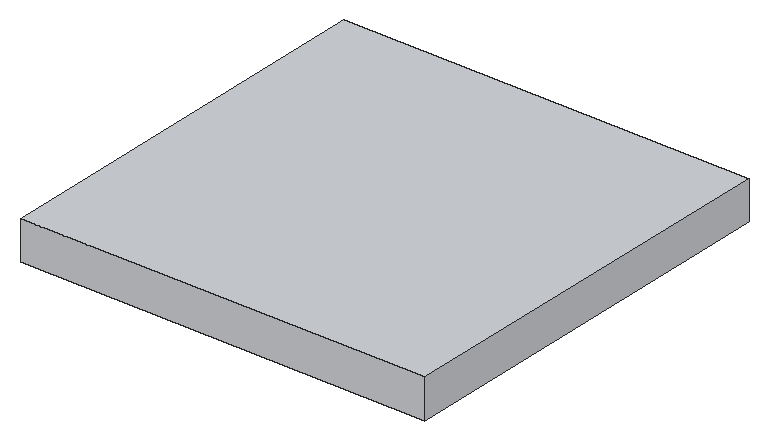
Revit family "ConcreteCap", category 常规模型, Revit 2018
Family settings
  可将钢筋附着到主体 = 否
  圆形连接件大小 = 使用直径
  零件类型 = 标准
  基于工作平面 = 否
  总是垂直 = 是
  加载时剪切的空心 = 否
  共享 = 否
  房间计算点 = 否
Parameters (values of type "ZM")
  结构材质 [instance] = none
  柱长 [instance] = 600 mm
  柱宽 [instance] = 600 mm
  宽度 = a1  # 2600 mm
  长度 = a1  # 2600 mm
  基础厚度 = h1 + h2  # 850 mm
  Assembly Code = ""
  h1 = 600 mm
  h2 = 250 mm
  a1 = 2600 mm
Types (8, lengths in mm): name | 宽度 | 长度 | 基础厚度 | h1 | h2 | a1
  ZM | 2600 | 2600 | 850 | 600 | 250 | 2600
  ZM1 | 3600 | 3600 | 1400 | 1000 | 400 | 3600
  ZM11K | 3000 | 3000 | 850 | 600 | 250 | 3000
  ZM1D | 2600 | 2600 | 850 | 600 | 250 | 2600
  ZM1A | 2600 | 2600 | 850 | 600 | 250 | 2600
  ZM1B | 2600 | 2600 | 850 | 600 | 250 | 2600
  ZM1C | 2600 | 2600 | 850 | 600 | 250 | 2600
  ZM11 | 2600 | 2600 | 850 | 600 | 250 | 2600
Reference planes
  plane 1 "中心(前/后)": y = 0
  plane 2: z = 0
  plane 3 "中心(左/右)": x = 0
  plane 4: x = -1300
  plane 5: x = 1300
  plane 6: y = 1300
  plane 7: y = -1300
  plane 8: x = -300
  plane 9: y = -300
  plane 10: y = 300
  plane 11: x = 300
  plane 12: z = -250
  plane 13: z = -600
Forms (mm)
  Extrusion 1, solid, material <- "结构材质"
    sketch origin (0, 0, 0) x (1, 0, 0) y (0, 1, 0)
      loop
        line (-1300, 1300) -> (-1300, -1300) -> (1300, -1300) -> (1300, 1300) -> (-1300, 1300)
    from -250 to 0
  Blend 2, solid, material <- "结构材质"
    base sketch origin (0, 0, 0) x (1, 0, 0) y (0, 1, 0)
      loop
        line (-300, 300) -> (-300, -300) -> (300, -300) -> (300, 300) -> (-300, 300)
    top sketch origin (0, 0, 0) x (1, 0, 0) y (0, 1, 0)
      loop
        line (-1300, 1300) -> (-1300, -1300) -> (1300, -1300) -> (1300, 1300) -> (-1300, 1300)
    from -600 to -250
Cuts and joins
  joined: Extrusion 1, Blend 2
Dimensions and locks
  "宽度": plane 4 to plane 5
  "长度": plane 6 to plane 7
  equal spacing: plane 6, plane 1 "中心(前/后)", plane 7
  equal spacing: plane 4, plane 3 "中心(左/右)", plane 5
  equal spacing: plane 8, plane 3 "中心(左/右)", plane 11
  equal spacing: plane 9, plane 1 "中心(前/后)", plane 10
  "柱长": plane 9 to plane 10
  "柱宽": plane 8 to plane 11
  "h2": plane 2 to plane 12
  "h1": level to plane 13
  aligned and locked: plane 4 to Extrusion 1 sketch curve
  aligned and locked: Extrusion 1 sketch curve to plane 5
  aligned and locked: Extrusion 1 sketch curve to plane 6
  aligned and locked: plane 7 to Extrusion 1 sketch curve
  aligned and locked: level to Extrusion 1
  aligned and locked: Extrusion 1 to plane 12
  aligned and locked: plane 10 to Blend 2 sketch curve
  aligned and locked: plane 8 to Blend 2 sketch curve
  aligned and locked: plane 9 to Blend 2 sketch curve
  aligned and locked: plane 11 to Blend 2 sketch curve
  aligned and locked: Blend 2 sketch curve to Extrusion 1  (x4)
  aligned and locked: Blend 2 to plane 13
  aligned and locked: Blend 2 to Extrusion 1
